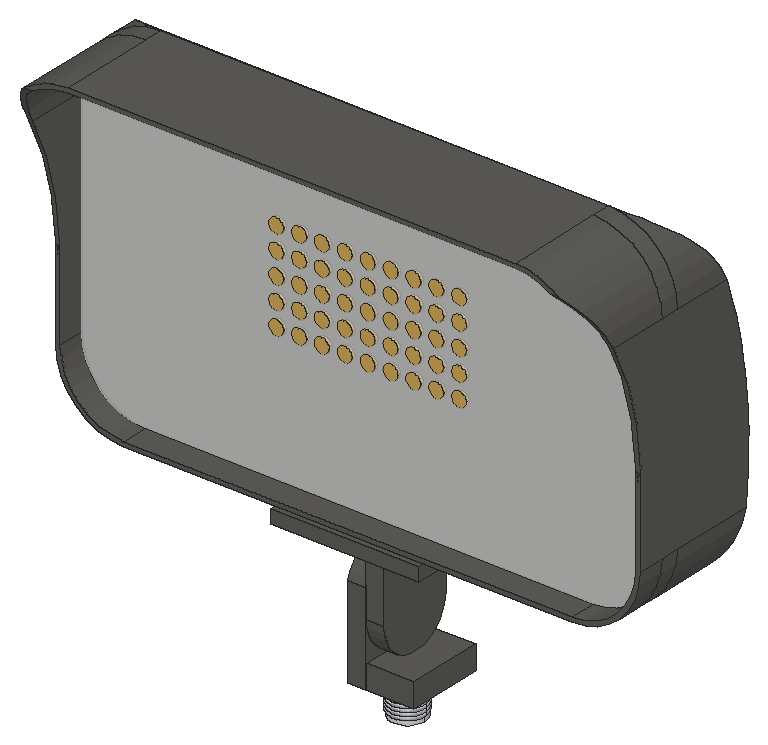
Revit family "SGF1", category Lighting Fixtures, host Face, Revit 2021
Family settings
  Host = Face
  Round Connector Dimension = Use Diameter
  Part Type = Normal
  OmniClass Number = 23.80.70.14
  OmniClass Title = Luminaries for External Lighting
  Cut with Voids When Loaded = No
  Light Source = Yes
  Shared = Yes
  Room Calculation Point = No
Parameters (values of type "SGF1")
  Watts = 60 W
  Wattage Comments = "60W"
  Wattage = 22 W
  Warranty = "5 years Warranty"  # constant formula
  built-in parameter 1150110 = 1 (stored number, unit not read)
  Voltage = 120 V
  URL = "https://www.currentlighting.com/exo"
  built-in parameter 1114217 = 1 (stored number, unit not read)
  Tilt Angle = 180.00°
  built-in parameter 1150109 = 1 (stored number, unit not read)
  built-in parameter 1150134 = 12
  built-in parameter 1150113 = 1 (stored number, unit not read)
  Reflector Finish = White Glass
  Power Factor = 1
  Photometric Web File = "SGF1-25-4K.ies"
  Model = "PRS-20-4K"
  Manufacturer = "EXO"  # constant formula
  built-in parameter 1150105 = -1191168 (stored number, unit not read)
  Lumens = 2112 lm
  built-in parameter 1150115 = 1 (stored number, unit not read)
  Load Classification = Lighting
  built-in parameter 1150137 = (empty or 0)
  built-in parameter 1150139 = (empty or 0)
  built-in parameter 1150112 = 1 (stored number, unit not read)
  built-in parameter 1150114 = 1 (stored number, unit not read)
  Lamp = "LED"  # constant formula
  LED = Yellow
  built-in parameter 1150132 = (empty or 0)
  built-in parameter 1150102 = (empty or 0)
  built-in parameter 1150107 = 4000 (stored number, unit not read)
  built-in parameter 1150138 = (empty or 0)
  built-in parameter 1150106 = -11911.7 (stored number, unit not read)
  IP Rating = "IP66"  # constant formula
  Housing Material = Paint - Metallic Bronze Textured
  Features = "Low profile flood light with a uniform 7x7 distribution\r\n• Interchangable knuckle and trunnion mount (accessory)\r\n• Photocontrol for automatic o\u001d during daylight hours\r\n• Easy to install by one person\r\n• IP66 rating for durability in ground mounting applications\r\n• Available in two sizes with lumen outputs of 3000, 5000 and 7000"  # constant formula
  built-in parameter 1150104 = 8.9187 (stored number, unit not read)
  Dimming Lamp Color Temperature Shift = <None>
  Description = "SLING FLOOD"  # constant formula
  Default Elevation = 48.000"
  Copyright = "© 2020 EXO"  # constant formula
  Contact = ""
  Connector Description = "Lighting Connector"  # constant formula
  Color Filter = 16777215
  built-in parameter 1114216 [instance] = (empty or 0)
  Certifications = "Listed to UL1598 for use in wet locations"  # constant formula
  built-in parameter 1114218 = 1 (stored number, unit not read)
  built-in parameter 1150133 = 10 (stored number, unit not read)
  Assembly Code = "D5020200"
  Apparent Load = Watts / Power Factor  # 60 VA
Reference planes (in)
  plane 1 "Center (Front/Back)": y = 0
  plane 2: z = 0
  plane 3 "Center (Left/Right)": x = 0
  plane 4: x = -3.2
  plane 5: x = 3.2
  plane 6: z = 6.4
  plane 7: y = 1.52541
Forms (in)
  Extrusion 1, solid, material "Paint - Metallic Bronze Textured" <- "Housing Material", not visible
    sketch origin (5.5, 0, 0) x (1, 0, 0) y (0, 0, -1)
      loop
        line (-22.47056, -3.79487) -> (-22.47056, 0) -> (-23.47056, 0) -> (-23.47056, -3.79487) -> (-22.47056, -3.79487)
    from 2.03263 to 2.15664
  Extrusion 2, solid, material "Paint - Metallic Bronze Textured" <- "Housing Material", not visible
    sketch origin (5.5, 0, 0) x (0, -1, 0) y (0, 0, -1)
      loop
        line (2.03263, -0.0089) -> (2.03263, -0.1089) -> (6.53263, -0.1089) -> (6.53263, -0.0089) -> (2.03263, -0.0089)
    from 16.97056 to 17.97056
  Extrusion 3, solid, not visible
    sketch origin (-17, 0, 0) x (0, 1, 0) y (0, 0, 1)
      loop
        line (-2.03263, 3.74239) -> (-2.13263, 3.74239) -> (-2.13263, 0.2678)
        arc (-2.13263, 0.2678) -> (-2.18177, 0.14915) -> (-2.30043, 0.1) r 0.1678
        line (-2.30043, 0.1) -> (-6.03263, 0.1) -> (-6.03263, 0) -> (-2.17041, 0)
        arc (-2.17041, 0) -> (-2.07298, 0.04035) -> (-2.03263, 0.13778) r 0.13778
        line (-2.03263, 0.13778) -> (-2.03263, 3.74239)
    from 16.91201 to 18
  Extrusion 4, solid, material "Paint - Metallic Bronze Textured" <- "Housing Material"
    sketch origin (0, 0, 2.10938) x (1, 0, 0) y (0, 0, 1)
      loop
        arc (-2.45, 3.2) -> (-2.98033, 2.98033) -> (-3.2, 2.45) r 0.75
        line (-3.2, 2.45) -> (-3.2, 0.09416)
        arc (-3.2, 0.09416) -> (-2.98033, -0.43617) -> (-2.45, -0.65584) r 0.75
        line (-2.45, -0.65584) -> (2.45, -0.65584)
        arc (2.45, -0.65584) -> (2.98033, -0.43617) -> (3.2, 0.09416) r 0.75
        line (3.2, 0.09416) -> (3.2, 2.45)
        arc (3.2, 2.45) -> (2.98033, 2.98033) -> (2.45, 3.2) r 0.75
        line (2.45, 3.2) -> (-2.45, 3.2)
    from 0 to 0.2
  Sweep 5, solid, material "Paint - Metallic Bronze Textured" <- "Housing Material"
    path origin (0, 0, 2.10938) x (1, 0, 0) y (0, 0, 1)
      loop
        line (-3.2, 1.09416) -> (-3.2, 0.09416)
        arc (-3.2, 0.09416) -> (-2.98033, -0.43617) -> (-2.45, -0.65584) r 0.75
        line (-2.45, -0.65584) -> (2.45, -0.65584)
        arc (2.45, -0.65584) -> (2.98033, -0.43617) -> (3.2, 0.09416) r 0.75
        line (3.2, 0.09416) -> (3.2, 1.09416)
    profile origin (0, 0, 1.45354) x (0, 0, 1) y (0, -1, 0)
      loop
        line (0, 0.2) -> (0.05, 0.2) -> (0.05, 0.49909) -> (0, 0.49909) -> (0, 0.2)
  Sweep 6, solid, material "Paint - Metallic Bronze Textured" <- "Housing Material"
    path in 3D
      loop
        line (3.2, -0.2, 3.20354) -> (3.2, -0.2, 4.55938)
        arc (3.2, -0.2, 4.55938) -> (2.98033, -0.2, 5.08971) -> (2.45, -0.2, 5.30938) r 0.75
        line (2.45, -0.2, 5.30938) -> (-2.45, -0.2, 5.30938)
        arc (-2.45, -0.2, 5.30938) -> (-2.98033, -0.2, 5.08971) -> (-3.2, -0.2, 4.55938) r 0.75
        line (-3.2, -0.2, 4.55938) -> (-3.2, -0.2, 3.20354)
    profile origin (0, -0.2, 5.30938) x (0, -1, 0) y (0, 0, 1)
      loop
        line (0, 0) -> (0, -0.05) -> (1.07459, -0.05) -> (1.07459, 0) -> (0, 0)
  Extrusion 7, void
    sketch origin (0, 0, 2.10938) x (0, 1, 0) y (0, 0, 1)
      loop
        line (-1.76261, 3.48053) -> (-1.76261, 1.09416) -> (-0.50147, 1.09416)
        arc (-0.50147, 1.09416) -> (-0.86076, 2.43071) -> (-1.76261, 3.48053) r 3.12132
    from -3.47777 to 3.2
  Extrusion 8, solid, material "Paint - Metallic Bronze Textured" <- "Housing Material"
    sketch origin (0, 0, 2.10938) x (0, 1, 0) y (0, 0, 1)
      loop
        line (0, 3.2) -> (0, -0.65584) -> (0.64027, -0.65584)
        spline (0.64027, -0.65584) -> (0.89437, -0.09798) -> (0.9605, 0.32466) -> (0.97158, 0.63384) -> (0.97367, 0.87702) -> (0.96111, 1.11686) -> (0.9307, 1.39045) -> (0.88748, 1.66752) -> (0.83578, 1.9169) -> (0.76859, 2.16331) -> (0.67371, 2.45057) -> (0.47465, 2.80006) -> (0, 3.2)
    from -3.2 to 3.2
  Extrusion 9, void
    sketch origin (0, 0, 2.10938) x (1, 0, 0) y (0, 0, 1)
      loop
        line (3.92773, 3.37665) -> (-3.57227, 3.37665) -> (-3.57227, -1.12335) -> (3.92773, -1.12335) -> (3.92773, 3.37665)
      loop
        arc (3.2, 2.45) -> (2.98033, 2.98033) -> (2.45, 3.2) r 0.75
        line (2.45, 3.2) -> (-2.45, 3.2)
        arc (-2.45, 3.2) -> (-2.98033, 2.98033) -> (-3.2, 2.45) r 0.75
        line (-3.2, 2.45) -> (-3.2, 0.09416)
        arc (-3.2, 0.09416) -> (-2.98033, -0.43617) -> (-2.45, -0.65584) r 0.75
        line (-2.45, -0.65584) -> (2.45, -0.65584)
        arc (2.45, -0.65584) -> (2.98033, -0.43617) -> (3.2, 0.09416) r 0.75
        line (3.2, 0.09416) -> (3.2, 2.45)
    from -1.33029 to 0.2
  Extrusion 10, solid, material "White Glass" <- "Reflector Finish"
    sketch origin (0, 0, 2.10938) x (1, 0, 0) y (0, 0, 1)
      loop
        arc (-2.45, 3.15) -> (-2.94497, 2.94497) -> (-3.15, 2.45) r 0.7
        line (-3.15, 2.45) -> (-3.15, 0.09416)
        arc (-3.15, 0.09416) -> (-2.94497, -0.40081) -> (-2.45, -0.60584) r 0.7
        line (-2.45, -0.60584) -> (2.45, -0.60584)
        arc (2.45, -0.60584) -> (2.94497, -0.40081) -> (3.15, 0.09416) r 0.7
        line (3.15, 0.09416) -> (3.15, 2.45)
        arc (3.15, 2.45) -> (2.94497, 2.94497) -> (2.45, 3.15) r 0.7
        line (2.45, 3.15) -> (-2.45, 3.15)
    from 0.2 to 0.22
  Extrusion 11, solid, material "Yellow" <- "LED"
    sketch origin (0, 0, 2.10938) x (1, 0, 0) y (0, 0, 1)
      loop
        circle (0, 1.89965) r 0.08107
      loop
        circle (0.25, 1.89965) r 0.08107
      loop
        circle (0.5, 1.89965) r 0.08107
      loop
        circle (0.75, 1.89965) r 0.08107
      loop
        circle (1, 1.89965) r 0.08107
      loop
        circle (-0.25, 1.89965) r 0.08107
      loop
        circle (-0.5, 1.89965) r 0.08107
      loop
        circle (-0.75, 1.89965) r 0.08107
      loop
        circle (-1, 1.89965) r 0.08107
      loop
        circle (0, 1.64965) r 0.08107
      loop
        circle (0.25, 1.64965) r 0.08107
      loop
        circle (0.5, 1.64965) r 0.08107
      loop
        circle (0.75, 1.64965) r 0.08107
      loop
        circle (1, 1.64965) r 0.08107
      loop
        circle (-0.25, 1.64965) r 0.08107
      loop
        circle (-0.5, 1.64965) r 0.08107
      loop
        circle (-0.75, 1.64965) r 0.08107
      loop
        circle (-1, 1.64965) r 0.08107
      loop
        circle (0, 1.39965) r 0.08107
      loop
        circle (0.25, 1.39965) r 0.08107
      loop
        circle (0.5, 1.39965) r 0.08107
      loop
        circle (0.75, 1.39965) r 0.08107
      loop
        circle (1, 1.39965) r 0.08107
      loop
        circle (-0.25, 1.39965) r 0.08107
      loop
        circle (-0.5, 1.39965) r 0.08107
      loop
        circle (-0.75, 1.39965) r 0.08107
      loop
        circle (-1, 1.39965) r 0.08107
      loop
        circle (0, 1.14965) r 0.08107
      loop
        circle (0.25, 1.14965) r 0.08107
      loop
        circle (0.5, 1.14965) r 0.08107
      loop
        circle (0.75, 1.14965) r 0.08107
      loop
        circle (1, 1.14965) r 0.08107
      loop
        circle (-0.25, 1.14965) r 0.08107
      loop
        circle (-0.5, 1.14965) r 0.08107
      loop
        circle (-0.75, 1.14965) r 0.08107
      loop
        circle (-1, 1.14965) r 0.08107
      loop
        circle (0, 0.89965) r 0.08107
      loop
        circle (0.25, 0.89965) r 0.08107
      loop
        circle (0.5, 0.89965) r 0.08107
      loop
        circle (0.75, 0.89965) r 0.08107
      loop
        circle (1, 0.89965) r 0.08107
      loop
        circle (-0.25, 0.89965) r 0.08107
      loop
        circle (-0.5, 0.89965) r 0.08107
      loop
        circle (-0.75, 0.89965) r 0.08107
      loop
        circle (-1, 0.89965) r 0.08107
    from 0.2 to 0.23
  Extrusion 12, solid, material "Paint - Metallic Bronze Textured" <- "Housing Material"
    sketch origin (0, 0, 2.10938) x (1, 0, 0) y (0, 0, 1)
      loop
        line (-0.79444, -0.65584) -> (-0.79444, -0.79816) -> (0.83235, -0.79816) -> (0.83235, -0.65584) -> (-0.79444, -0.65584)
    from -0.40026 to 0.56886
  Extrusion 13, solid, material "Paint - Metallic Bronze Textured" <- "Housing Material"
    sketch origin (0, 0, -1.01563) x (0, 1, 0) y (0, 0, 1)
      loop
        line (0.33776, 2.32684) -> (-0.50636, 2.32684) -> (-0.50636, 1.70184)
        arc (-0.50636, 1.70184) -> (-0.0843, 1.27977) -> (0.33776, 1.70184) r 0.42206
        line (0.33776, 1.70184) -> (0.33776, 2.32684)
    from 0.2 to 0.4
  Extrusion 14, solid, material "Paint - Metallic Bronze Textured" <- "Housing Material"
    sketch origin (0, 0, -1.01563) x (0, 1, 0) y (0, 0, 1)
      loop
        arc (0.33776, 2.01434) -> (-0.0843, 2.32684) -> (-0.50636, 2.01434) r 0.44127
        line (-0.50636, 2.01434) -> (-0.50636, 1.01434) -> (0.33776, 1.01434) -> (0.33776, 1.26434) -> (0.33776, 2.01434)
    from 0 to 0.2
  Extrusion 15, solid, material "Paint - Metallic Bronze Textured" <- "Housing Material"
    sketch origin (0, 0, -1.01563) x (1, 0, 0) y (0, 0, 1)
      loop
        line (0.2, 1.01434) -> (0.72539, 1.01434) -> (0.72539, 1.27865) -> (0.2, 1.27865) -> (0.2, 1.01434)
    from -0.33776 to 0.50636
  Revolve 16, solid
    sketch origin (0, 0, -1.01563) x (1, 0, 0) y (0, 0, 1)
      loop
        line (0.25, 1.01434) -> (0.0625, 1.01434)
        arc (0.0625, 1.01434) -> (0.04804, 0.99475) -> (0.0625, 0.97516) r 0.0205
        arc (0.0625, 0.97516) -> (0.04804, 0.95558) -> (0.0625, 0.93599) r 0.0205
        arc (0.0625, 0.93599) -> (0.04804, 0.9164) -> (0.0625, 0.89682) r 0.0205
        arc (0.0625, 0.89682) -> (0.04804, 0.87723) -> (0.0625, 0.85764) r 0.0205
        arc (0.0625, 0.85764) -> (0.04804, 0.83806) -> (0.0625, 0.81847) r 0.0205
        arc (0.0625, 0.81847) -> (0.04804, 0.79888) -> (0.0625, 0.7793) r 0.0205
        arc (0.0625, 0.7793) -> (0.04804, 0.75971) -> (0.0625, 0.74012) r 0.0205
        arc (0.0625, 0.74012) -> (0.04804, 0.72054) -> (0.0625, 0.70095) r 0.0205
        arc (0.0625, 0.70095) -> (0.04804, 0.68137) -> (0.0625, 0.66178) r 0.0205
        arc (0.0625, 0.66178) -> (0.04804, 0.64219) -> (0.0625, 0.62261) r 0.0205
        line (0.0625, 0.62261) -> (0.0625, 0.57041) -> (0.25, 0.57041) -> (0.25, 1.01434)
      axis (0.25, 1.01434) -> (0.25, 0.57041)
    angle from 0 to 360
Cuts and joins
  Extrusion 9 cuts Extrusion 4
  Extrusion 7 cuts Sweep 6
  Extrusion 9 cuts Extrusion 8
  joined: Extrusion 4, Sweep 5, Sweep 6, Extrusion 8
Lines and regions (in)
  sketch lines
    curve 1: line (2.45, -0.2, 5.30938) -> (-2.45, -0.2, 5.30938)
    curve 2: arc (-3.2, -0.2, 4.55938) -> (-2.98033, -0.2, 5.08971) -> (-2.45, -0.2, 5.30938) r 0.75
    curve 3: line (-3.2, -0.2, 4.55938) -> (-3.2, -0.2, 3.20354)
    curve 4: line (3.2, -0.2, 3.20354) -> (3.2, -0.2, 4.55938)
    curve 5: arc (2.45, -0.2, 5.30938) -> (2.98033, -0.2, 5.08971) -> (3.2, -0.2, 4.55938) r 0.75
Dimensions and locks (in)
  plane 6 to plane 2 = 6.400"
  aligned and locked: plane 2 to host face
  aligned and locked: level to host face
Connectors (in)
  electrical at (0.72539, -0.0843, 0.13087), driven by "Voltage", driven by "Apparent Load", driven by "Power Factor", driven by "Connector Description"
    settings: on Extrusion 15, index 1, voltage 120 V, apparent load 60 VA, apparent load phase1 0 VA, apparent load phase2 0 VA, apparent load phase3 0 VA, power factor 1, load classification "Other", number of poles 1, system type 30, power factor state 1, is connector primary yes, connector utility no, sub classification motor no, connector description "Lighting Connector"
